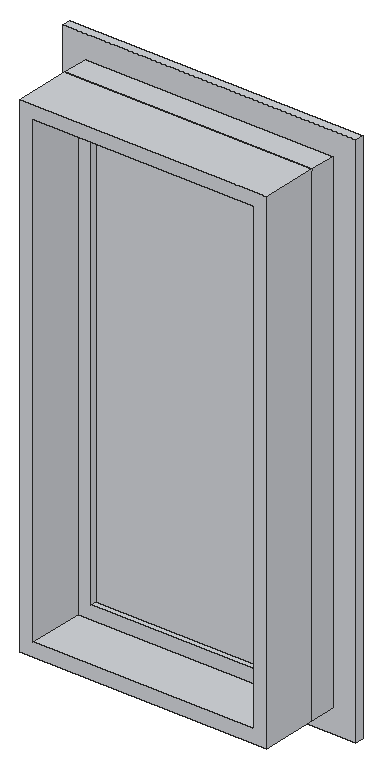
Revit family "OD_FIXED SIMPLE WINDOW WITH TRIM", category Windows, host Wall, Revit 2019
Family settings
  Host = Wall
  OmniClass Number = 23.30.20.17.11
  OmniClass Title = Fixed Windows
  Always vertical = Yes
  Cut with Voids When Loaded = No
  Shared = No
  Room Calculation Point = No
Parameters (values of type "24" x 48"")
  trim thickness = 0' - 1 1/4"
  trim border thickness = 0' - 3"
  trim border material = none
  Assembly Code = "B2020100"
  Glass Pane Material = none
  Height = 4' - 0"
  Sash Material = none
  Default Sill Height = 3' - 0"
  Wall Closure = By host
  Width = 2' - 0"
  Window Inset = 0' - 0 3/4"
  Analytic Construction = "<None>"
Types (11): name | Glass Pane Material | Height | Default Sill Height | Width
  24" x 48" | none | 4' - 0" | 3' - 0" | 2' - 0"
  24" x 24" | none | 2' - 0" | 3' - 0" | 2' - 0"
  16" x 24" | none | 2' - 0" | 3' - 0" | 1' - 4"
  16" x 48" | none | 4' - 0" | 3' - 0" | 1' - 4"
  16" x 72" | none | 6' - 0" | 1' - 0" | 1' - 4"
  24" x 72" | none | 6' - 0" | 1' - 0" | 2' - 0"
  36" x 24" | none | 2' - 0" | 3' - 0" | 3' - 0"
  36" x 72" | none | 6' - 0" | 1' - 0" | 3' - 0"
  1 2 | Glass | 3' - 0" | 3' - 0" | 3' - 0"
  2 | none | 5' - 0" | 3' - 0" | 3' - 0"
  1 | Glass | 3' - 0" | 3' - 0" | 3' - 0"
Reference planes (in)
  plane 1: y = 0
  plane 2: z = 0
  plane 3 "Center": x = -1.5
  plane 4 "Left": x = -13.5
  plane 5 "Right": x = 10.5
  plane 6 "Sill": z = 36
  plane 7 "Top": z = 84
  plane 8: y = 4
  plane 9: y = -4
  plane 10: y = 3.25
  plane 11: x = -12.75
  plane 12: x = -12.25
  plane 13: x = 9.75
  plane 14: x = 9.25
  plane 15: z = 83.25
  plane 16: z = 82.75
  plane 17: z = 37.25
  plane 18 "Closure": y = 2.125
  plane 19: y = 5.25
Forms (in)
  Extrusion 1, solid, material <- "Sash Material"
    sketch origin (0, 0, 0) x (1, 0, 0) y (0, 0, 1)
      loop
        line (-13.5, 84) -> (-13.5, 36) -> (10.5, 36) -> (10.5, 84) -> (-13.5, 84)
      loop
        line (-12.75, 83.25) -> (-12.75, 36.75) -> (9.75, 36.75) -> (9.75, 83.25) -> (-12.75, 83.25)
    from -4 to -1.5
  Extrusion 2, solid, material <- "Sash Material"
    sketch origin (0, 0, 0) x (-1, 0, 0) y (0, 0, 1)
      loop
        line (-10.5, 84) -> (-10.5, 36) -> (13.5, 36) -> (13.5, 84) -> (-10.5, 84)
      loop
        line (-9.25, 82.75) -> (-9.25, 37.25) -> (12.25, 37.25) -> (12.25, 82.75) -> (-9.25, 82.75)
    from 1.5 to -4
  Extrusion 3, solid, material <- "Sash Material"
    sketch origin (0, 0, 0) x (-1, 0, 0) y (0, 0, 1)
      loop
        line (-9.75, 83.25) -> (-9.75, 36.75) -> (12.75, 36.75) -> (12.75, 83.25) -> (-9.75, 83.25)
      loop
        line (-8, 81.5) -> (-8, 38.5) -> (11, 38.5) -> (11, 81.5) -> (-8, 81.5)
    from 1.5 to 3.25
  Extrusion 4, solid, material <- "Glass Pane Material"
    sketch origin (-4.9201, 0, -4.60771) x (1, 0, 0) y (0, 0, 1)
      loop
        line (-6.0799, 86.10771) -> (-6.0799, 43.10771) -> (12.9201, 43.10771) -> (12.9201, 86.10771) -> (-6.0799, 86.10771)
    from -2.625 to -2.125
  Extrusion 5, solid, material <- "trim border material"
    sketch origin (0, 4, 0) x (-1, 0, 0) y (0, 0, 1)
      loop
        line (-9.75, 83.25) -> (-9.75, 36.75) -> (12.75, 36.75) -> (12.75, 83.25) -> (-9.75, 83.25)
      loop
        line (-12.75, 86.25) -> (-12.75, 33.75) -> (15.75, 33.75) -> (15.75, 86.25) -> (-12.75, 86.25)
    from 0 to 0.8313
Lines and regions (in)
  Opening 1
    outline origin (-60, -4, 0) x (1, 0, 0) y (0, 0, 1)
      loop
        line (46.5, 84) -> (46.5, 36) -> (70.5, 36) -> (70.5, 84) -> (46.5, 84)
  symbolic lines, style "WindowsFrameMullionProjection"
    curve 1: line (-13.5, 4, 0) -> (-12.75, 4, 0)
    curve 2: line (-12.75, 1.5, 0) -> (-12.75, 4, 0)
    curve 3: line (-12.75, 1.5, 0) -> (-12.25, 1.5, 0)
    curve 4: line (-12.25, -4, 0) -> (-12.25, 1.5, 0)
    curve 5: line (10.5, 4, 0) -> (9.75, 4, 0)
    curve 6: line (9.25, 1.5, 0) -> (9.25, -4, 0)
    curve 7: line (9.25, 1.5, 0) -> (9.75, 1.5, 0)
    curve 8: line (9.75, 1.5, 0) -> (9.75, 4, 0)
    curve 9: line (-12.75, 3.25, 0) -> (-11, 3.25, 0)
    curve 10: line (-12.75, 3.25, 0) -> (-12.75, 1.5, 0)
    curve 11: line (-12.75, 1.5, 0) -> (-11, 1.5, 0)
    curve 12: line (-11, 3.25, 0) -> (-11, 1.5, 0)
    curve 13: line (9.75, 3.25, 0) -> (8, 3.25, 0)
    curve 14: line (9.75, 3.25, 0) -> (9.75, 1.5, 0)
    curve 15: line (9.75, 1.5, 0) -> (8, 1.5, 0)
    curve 16: line (8, 3.25, 0) -> (8, 1.5, 0)
    curve 18: line (-12.25, -4, 0) -> (-13.5, -4, 0)
    curve 19: line (9.25, -4, 0) -> (10.5, -4, 0)
  symbolic lines, style "WindowsGlassProjection"
    curve 17: line (-11, 2.375, 0) -> (8, 2.375, 0)
Text (in)
  text "EXTERIOR" at (-56.58296, 53.32073, 0), in view "Floor Line"
  text "INTERIOR" at (-58.6888, -42.14638, 0), in view "Floor Line"
  text "Exterior" at (0, 43.65631, 134.44969), in view "Left"
  text "Exterior" at (0, 18.29385, 125.04747), in view "Right"
Dimensions and locks (in)
  equal spacing: plane 4 "Left", plane 3 "Center", plane 5 "Right"
  "Width": plane 4 "Left" to plane 5 "Right"
  plane 2 to plane 6 "Sill" to plane 16 to plane 7 "Top" = 3' - 0", 3' - 10 3/4", 0' - 1 1/4"
  "Window Inset": plane 8 to plane 10
  locked: plane 10 to Extrusion 3 at 1.75
  locked: plane 10 to Extrusion 4 at 0.625
  locked: Extrusion 4 to Extrusion 4 at 0.5
  locked: plane 4 "Left" to plane 11 at 0.75
  locked: plane 13 to plane 5 "Right" at 0.75
  locked: plane 14 to plane 5 "Right" at 1.25
  locked: plane 4 "Left" to plane 12 at 1.25
  locked: plane 15 to plane 7 "Top" at 0.75
  locked: plane 7 "Top" to plane 16 at 1.25
  locked: plane 17 to plane 6 "Sill" at 1.25
  "Height": plane 7 "Top" to plane 6 "Sill"
  "Default Sill Height": plane 6 "Sill" to plane 2
  locked: plane 10 to plane 18 "Closure" at 1.125
  Extrusion 5 to Extrusion 5 = 0' - 0.8313"
  "trim thickness": plane 19 to plane 8
  "trim border thickness": Extrusion 1 to Extrusion 5 sketch curve  (x3)
  "trim border thickness": Extrusion 5 sketch curve to Extrusion 1
  aligned and locked: plane 7 "Top" to Opening 1 sketch curve
  aligned and locked: plane 6 "Sill" to Opening 1 sketch curve  (x2)
  aligned and locked: plane 5 "Right" to Opening 1 sketch curve
  aligned and locked: plane 4 "Left" to Opening 1 sketch curve
  aligned and locked: plane 9 to host wall
  aligned and locked: host wall to Extrusion 2
  aligned and locked: plane 10 to Extrusion 3
  aligned and locked: plane 8 to host wall
  aligned and locked: host wall to Extrusion 1
  aligned and locked: Extrusion 2 to Extrusion 1
  aligned and locked: Extrusion 1 to Extrusion 3
  aligned and locked: Extrusion 4 sketch curve to Extrusion 3  (x4)
  aligned and locked: curve 5 to Extrusion 1  (x2)
  aligned and locked: curve 6 to Extrusion 2
  aligned and locked: curve 4 to Extrusion 2
  aligned and locked: curve 16 to Extrusion 3
  aligned and locked: Extrusion 1 to curve 11
  aligned and locked: Extrusion 1 to curve 7
Automatic sketch dimensions
  Extrusion 1 sketch curve to plane 4 "Left" = 0' - 0"
  Extrusion 1 sketch curve to plane 5 "Right" = 0' - 0"
  Extrusion 1 sketch curve to plane 4 "Left" = 0' - 0 3/4"
  plane 5 "Right" to Extrusion 1 sketch curve = 0' - 0 3/4"
  Extrusion 1 sketch curve to plane 6 "Sill" = 0' - 0"
  Extrusion 1 sketch curve to plane 7 "Top" = 0' - 0"
  Extrusion 1 sketch curve to plane 6 "Sill" = 0' - 0 3/4"
  plane 7 "Top" to Extrusion 1 sketch curve = 0' - 0 3/4"
  Extrusion 2 sketch curve to plane 5 "Right" = 0' - 0"
  Extrusion 2 sketch curve to plane 4 "Left" = 0' - 0"
  plane 5 "Right" to Extrusion 2 sketch curve = 0' - 1 1/4"
  Extrusion 2 sketch curve to plane 4 "Left" = 0' - 1 1/4"
  Extrusion 2 sketch curve to plane 6 "Sill" = 0' - 0"
  Extrusion 2 sketch curve to plane 7 "Top" = 0' - 0"
  Extrusion 2 sketch curve to plane 6 "Sill" = 0' - 1 1/4"
  plane 7 "Top" to Extrusion 2 sketch curve = 0' - 1 1/4"
  plane 5 "Right" to Extrusion 3 sketch curve = 0' - 0 3/4"
  plane 5 "Right" to Extrusion 3 sketch curve = 0' - 2 1/2"
  Extrusion 3 sketch curve to plane 4 "Left" = 0' - 2 1/2"
  Extrusion 3 sketch curve to plane 4 "Left" = 0' - 0 3/4"
  Extrusion 3 sketch curve to plane 6 "Sill" = 0' - 0 3/4"
  Extrusion 3 sketch curve to plane 6 "Sill" = 0' - 2 1/2"
  plane 7 "Top" to Extrusion 3 sketch curve = 0' - 2 1/2"
  plane 7 "Top" to Extrusion 3 sketch curve = 0' - 0 3/4"
  curve 18 to plane 4 "Left" = 0' - 0"
  curve 1 to plane 4 "Left" = 0' - 0"
  curve 2 to plane 8 = 0' - 0"
  curve 10 to plane 10 = 0' - 0"
  curve 13 to plane 10 = 0' - 0"
  curve 19 to plane 5 "Right" = 0' - 0"
  curve 1 to curve 2 = 0' - 0 3/4"
  curve 9 to curve 12 = 0' - 1 3/4"
  plane 5 "Right" to curve 13 = 0' - 0 3/4"
  curve 19 to plane 9 = 0' - 0"
  curve 4 to plane 9 = 0' - 0"
  curve 11 to curve 17 = 0' - 0 7/8"
  Extrusion 5 sketch curve to Extrusion 1 = 0' - 0"  (x4)
